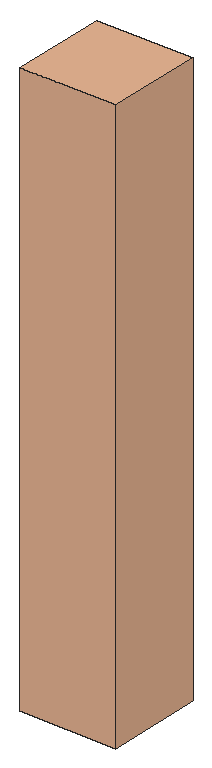
Revit family "EFPreManfactureWall", category Structural Columns, Revit 2020
Family settings
  Section Shape = Not Defined
  Material for Model Behavior = Other
  Always export as geometry = No
  Beam cutback in plan = From bounding box
  OmniClass Number = 23.25.30.11.14.11
  OmniClass Title = Columns
  Cut with Voids When Loaded = No
  Symbolic Representation = From Family
  Shared = No
  Show family pre-cut in plan views = Yes
Parameters
  b = 2' - 0"
  d = 2' - 0"
  ParentName = ""
  Height [instance] = 12' - 0"
Reference planes (in)
  plane 1 "Center (Front/Back)": y = 0
  plane 2: z = 0
  plane 3 "Center (Left/Right)": x = 0
  plane 4 "Left": x = -12
  plane 5 "Right": x = 12
  plane 6 "Back": y = 12
  plane 7 "Front": y = -12
Forms (in)
  Extrusion 1, solid, material "Wood"
    sketch origin (0, 0, 0) x (1, 0, 0) y (0, 1, 0)
      loop
        line (12, -12) -> (12, 12) -> (-12, 12) -> (-12, -12) -> (12, -12)
    from 0 to 144
Dimensions and locks (in)
  equal spacing: plane 4 "Left", plane 3 "Center (Left/Right)", plane 5 "Right"
  equal spacing: plane 7 "Front", plane 1 "Center (Front/Back)", plane 6 "Back"
  "d": plane 7 "Front" to plane 6 "Back"
  "b": plane 4 "Left" to plane 5 "Right"
  "Height": Extrusion 1 to Extrusion 1
  aligned and locked: level to plane 2
Automatic sketch dimensions
  Extrusion 1 sketch curve to plane 6 "Back" = 0' - 0"
  Extrusion 1 sketch curve to plane 5 "Right" = 0' - 0"
  plane 7 "Front" to Extrusion 1 sketch curve = 0' - 0"
  plane 4 "Left" to Extrusion 1 sketch curve = 0' - 0"
